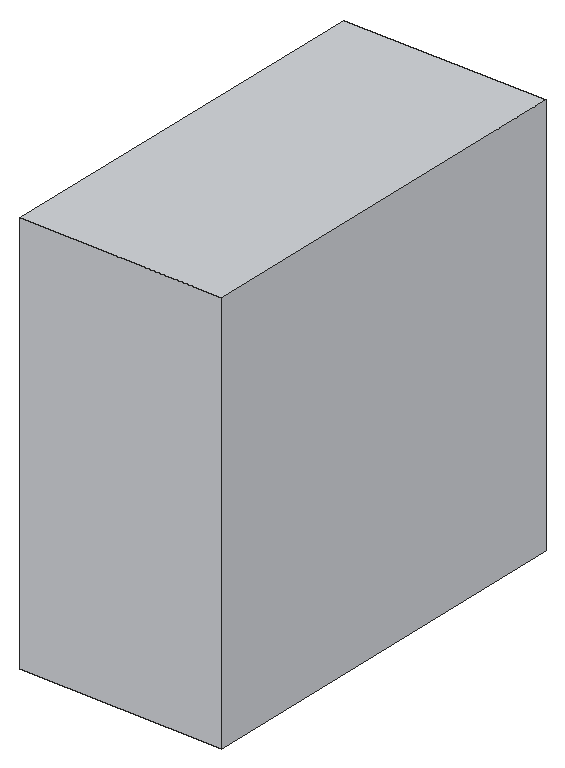
Revit family "813b224d79c540e6b2f26d26aa733ea9", category Duct Accessories, Revit 2021
Family settings
  Round Connector Dimension = Use Diameter
  Part Type = Damper
  OmniClass Number = 23.75.70.11.14.14
  OmniClass Title = Dampers for Air Ductwork
  Seek Item ID = Balancing Damper - Rectangular-0000-USA-ENU
  Work Plane-Based = No
  Always vertical = Yes
  Cut with Voids When Loaded = No
  Shared = No
Parameters (values of type "Standard")
  Symbol Width [instance] = Damper Width * 1.5  # 1' - 6"
  Pressure Drop [instance] = 1.00 in-wg
  Half Symbol Width [instance] = Symbol Width / 2  # 0' - 9"
  Half Damper Width [instance] = Damper Width / 2  # 0' - 6"
  Half Damper Length = Damper Length / 2  # 0' - 3"
  Half Damper Height [instance] = Damper Height / 2  # 0' - 6"
  Default Elevation = 0' - 0"
  Damper Width [instance] = 12"
  Damper Material = none
  Damper Length = 0' - 6"
  Damper Height [instance] = 12"
Reference planes (in)
  plane 1 "Center (Front/Back)": y = 0
  plane 2: z = 0
  plane 3 "Center (Left/Right)": x = 0
  plane 4: y = 6
  plane 5: y = -6
  plane 6: z = 6
  plane 7: z = -6
  plane 8: x = -3
  plane 9: x = 3
  plane 10: y = 7.5
  plane 11: y = 7.75
  plane 12: y = 9
  plane 13: y = -9
Forms (in)
  Extrusion 1, solid, material <- "Damper Material", detail levels fine
    sketch origin (0, 0, 0) x (0, 1, 0) y (0, 0, 1)
      loop
        line (-6, 6) -> (-6, -6) -> (6, -6) -> (6, 6) -> (-6, 6)
    from -3 to 3
  Extrusion 2, solid, material <- "Damper Material", detail levels fine
    sketch origin (0, 0, 0) x (1, 0, 0) y (0, 0, 1)
      loop
        circle (0, 0) r 0.25
    from -6 to -7.5
  Sweep 3, solid, material <- "Damper Material", detail levels fine
    path origin (0, 0, 0) x (1, 0, 0) y (0, 1, 0)
      loop
        line (0, 7.5) -> (0, 7.75)
    profile origin (0, 7.625, 0) x (-1, 0, 0) y (0, 0, 1)
      loop
        arc (0, 0.5) -> (-0.5, 0) -> (0, -0.5) r 0.5
        line (0, -0.5) -> (6, -0.5)
        arc (6, -0.5) -> (6.5, 0) -> (6, 0.5) r 0.5
        line (6, 0.5) -> (0, 0.5)
  Extrusion 4, solid, material <- "Damper Material", detail levels coarse+medium
    sketch origin (0, 0, 0) x (0, 1, 0) y (0, 0, 1)
      loop
        line (6, 6) -> (-6, 6) -> (-6, -6) -> (6, -6) -> (6, 6)
    from -3 to 3
Lines and regions (in)
  symbolic lines, detail levels coarse+medium
    curve 1: line (0, 9, 0) -> (0, -9, 0)
    curve 2: line (0, 9, 0) -> (-3, 9, 0)
    curve 3: line (-3, 6, 0) -> (-3, -6, 0)
    curve 4: line (3, 6, 0) -> (3, -6, 0)
Dimensions and locks (in)
  "Half Damper Width": plane 4 to plane 1 "Center (Front/Back)"
  "Half Damper Width": plane 1 "Center (Front/Back)" to plane 5
  "Half Damper Height": plane 6 to plane 2
  "Half Damper Height": plane 2 to plane 7
  "Half Damper Length": plane 8 to plane 3 "Center (Left/Right)"
  "Half Damper Length": plane 3 "Center (Left/Right)" to plane 9
  locked: plane 4 to plane 10 at 1.5
  locked: plane 11 to plane 10 at 0.25
  "Half Symbol Width": plane 13 to plane 1 "Center (Front/Back)"
  "Half Symbol Width": plane 1 "Center (Front/Back)" to plane 12
  radius of Extrusion 2 sketch curve = 0' - 0 1/4"
  radius of Sweep 3 sketch curve = 0' - 0 1/2"  (x2)
  aligned and locked: Extrusion 1 to plane 4
  aligned and locked: plane 5 to Extrusion 1
  aligned and locked: plane 6 to Extrusion 1
  aligned and locked: Extrusion 1 to plane 7
  aligned and locked: Extrusion 1 to plane 8
  aligned and locked: plane 9 to Extrusion 1
  aligned and locked: plane 3 "Center (Left/Right)" to Extrusion 2 sketch curve
  aligned and locked: plane 2 to Extrusion 2 sketch curve
  aligned and locked: plane 4 to Extrusion 2
  aligned and locked: plane 10 to Extrusion 2
  aligned and locked: plane 11 to Sweep 3 sketch curve
  aligned and locked: plane 10 to Sweep 3 sketch curve
  aligned and locked: plane 3 "Center (Left/Right)" to Sweep 3 sketch curve  (x3)
  aligned and locked: plane 2 to Sweep 3 sketch curve  (x2)
  aligned and locked: plane 13 to curve 1
  aligned and locked: curve 1 to plane 3 "Center (Left/Right)"
  aligned and locked: plane 8 to curve 2
  aligned and locked: plane 12 to curve 2
  aligned and locked: plane 4 to curve 3
  aligned and locked: plane 5 to curve 3
  aligned and locked: curve 3 to plane 8
  aligned and locked: plane 4 to curve 4
  aligned and locked: plane 5 to curve 4
  aligned and locked: curve 4 to plane 9
  aligned and locked: Extrusion 4 to plane 4
  aligned and locked: plane 5 to Extrusion 4
  aligned and locked: plane 6 to Extrusion 4
  aligned and locked: Extrusion 4 to plane 7
  aligned and locked: Extrusion 4 to plane 8
  aligned and locked: plane 9 to Extrusion 4
Automatic sketch dimensions
  Extrusion 1 sketch curve to plane 5 = 1' - 0"
  plane 4 to Extrusion 1 sketch curve = 1' - 0"
  Extrusion 1 sketch curve to level = 0' - 6"
  level to Extrusion 1 sketch curve = 0' - 6"
  Sweep 3 sketch curve to plane 3 "Center (Left/Right)" = 0' - 0"
  Sweep 3 sketch curve to profile plane = 0' - 6"
  Extrusion 4 sketch curve to plane 5 = 0' - 0"
  plane 4 to Extrusion 4 sketch curve = 0' - 0"
  Extrusion 4 sketch curve to plane 7 = 0' - 0"
  plane 6 to Extrusion 4 sketch curve = 0' - 0"
Connectors (in)
  hvac at (-3, 0, 0), driven by "Damper Height", driven by "Damper Width", driven by "Pressure Drop"
    settings: on Extrusion 1, index 1, duct flow 0 CFM, flow factor 0, pres drop 1.00 in-wg, loss coef 0, conn angle 0.00°, conn width 12", conn height 12", conn diameter 24", duct sys type 29, conn prof type 1, flow config 0, flow direction 0, loss method 4, conn ref index 2, conn util no, is conn primary yes, conn desc ""
  hvac at (3, 0, 0), driven by "Damper Height", driven by "Damper Width"
    settings: on Extrusion 1, index 2, duct flow 0 CFM, flow factor 0, pres drop 0.00 in-wg, loss coef 0, conn angle 0.00°, conn width 12", conn height 12", conn diameter 24", duct sys type 29, conn prof type 1, flow config 0, flow direction 0, loss method 4, conn ref index 1, conn util no, is conn primary no, conn desc ""
